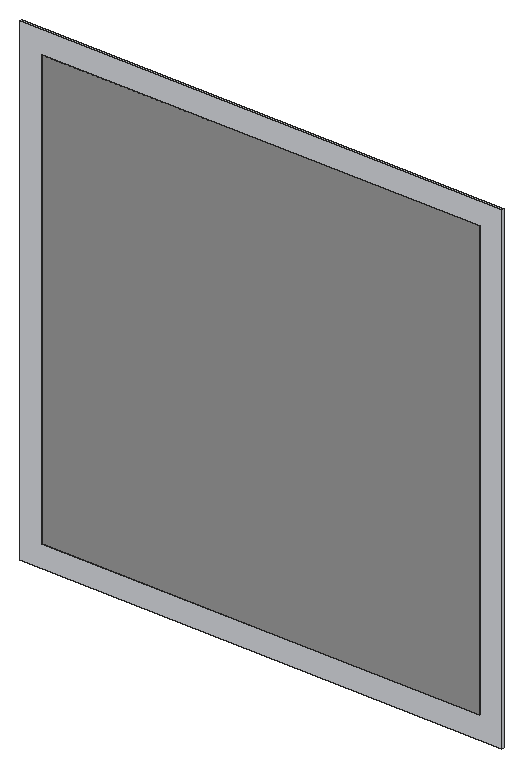
Revit family "MN-FB", category Mechanical Equipment, Revit 2015
Parameters
  URL = "https://unitedenertech.com/catalog/pdf/K_9%20MN-FB.pdf"
  Type Comments = "Consult Factory for Max. Sizes"
  Model = "MN-FB"
  Manufacturer = "United Enertech Corporation"
  Length (16" Standard) = 1' - 4"
  Keynote = ""
  Exact Width = 2' - 0"
  Exact Height = 2' - 0"
  Description = "Minimum Security"
Reference planes (in)
  plane 1 "Center (Front/Back)": y = 0
  plane 2: z = 0
  plane 3 "Center (Left/Right)": x = 0
  plane 4: x = -12
  plane 5: x = 12
  plane 6: z = 12
  plane 7: z = -12
  plane 8: x = -11.8125
  plane 9: z = 11.8125
  plane 10: x = -13
  plane 11: z = 13
  plane 12: x = 11.8125
  plane 13: x = 13
  plane 14: z = -11.8125
  plane 15: z = -13
  plane 16: y = 0.1046
Forms (in)
  Extrusion 1, solid
    sketch origin (0, 0, 0) x (1, 0, 0) y (0, 0, 1)
      loop
        line (-13, -13) -> (13, -13) -> (13, 13) -> (-13, 13) -> (-13, -13)
      loop
        line (-11.8125, -11.8125) -> (11.8125, -11.8125) -> (11.8125, 11.8125) -> (-11.8125, 11.8125) -> (-11.8125, -11.8125)
    from -0.1046 to 0
  Extrusion 2, solid, material "Steel"
    sketch origin (0, 0, 0) x (1, 0, 0) y (0, 0, 1)
      loop
        line (-11.8125, -11.8125) -> (11.8125, -11.8125) -> (11.8125, 11.8125) -> (-11.8125, 11.8125) -> (-11.8125, -11.8125)
    from -0.1046 to 0
Dimensions and locks (in)
  equal spacing: plane 4, plane 3 "Center (Left/Right)", plane 5
  "Exact Width": plane 4 to plane 5
  equal spacing: plane 6, level, plane 7
  "Exact Height": plane 6 to plane 7
  locked: plane 4 to plane 10 at 1
  locked: plane 4 to plane 8 at 0.1875
  locked: plane 12 to plane 5 at 0.1875
  locked: plane 5 to plane 13 at 1
  locked: plane 6 to plane 9 at 0.1875
  locked: plane 11 to plane 6 at 1
  locked: plane 14 to plane 7 at 0.1875
  locked: plane 7 to plane 15 at 1
  locked: plane 1 "Center (Front/Back)" to plane 16 at 0.1046
  aligned and locked: level to plane 2
  aligned and locked: Extrusion 1 sketch curve to plane 10
  aligned and locked: plane 11 to Extrusion 1 sketch curve
  aligned and locked: Extrusion 1 sketch curve to plane 13
  aligned and locked: plane 15 to Extrusion 1 sketch curve
  aligned and locked: plane 14 to Extrusion 1 sketch curve
  aligned and locked: Extrusion 1 sketch curve to plane 8
  aligned and locked: Extrusion 1 sketch curve to plane 12
  aligned and locked: plane 9 to Extrusion 1 sketch curve
  aligned and locked: plane 1 "Center (Front/Back)" to Extrusion 1
  aligned and locked: plane 9 to Extrusion 2 sketch curve
  aligned and locked: Extrusion 2 sketch curve to plane 12
  aligned and locked: Extrusion 2 sketch curve to plane 8
  aligned and locked: plane 14 to Extrusion 2 sketch curve
  aligned and locked: plane 1 "Center (Front/Back)" to Extrusion 2
  aligned and locked: plane 16 to Extrusion 1
  aligned and locked: plane 16 to Extrusion 2
